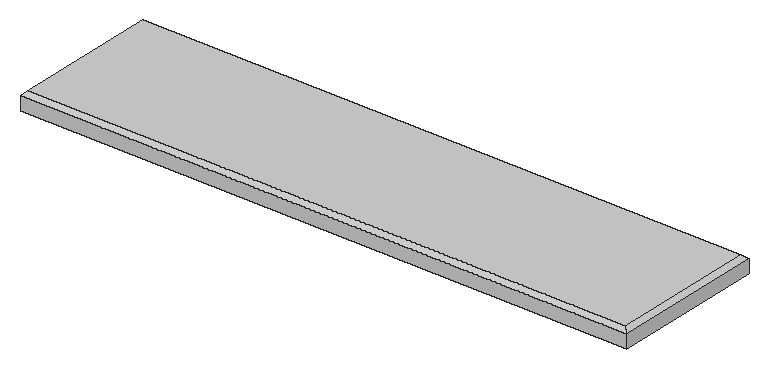
Revit family "12 X 48 RECTANGLE", category Specialty Equipment, Revit 2023
Family settings
  Round Connector Dimension = Use Diameter
  Part Type = Normal
  OmniClass Number = 23.35.00.00
  OmniClass Title = Covering, Cladding, and Finishes
  Work Plane-Based = Yes
  Enable Cutting in Views = Yes
  Always vertical = No
  Cut with Voids When Loaded = No
  Maintain Annotation Orientation = No
  Shared = No
  Room Calculation Point = No
Parameters (values of type "1-3/8 inch thick Primed White")
  URL = "https://www.acousticalsurfaces.com/envirocoustic-wood-wool/shapes/"
  Type Comments = "Acoustic Panels"
  Thickness = 0' - 1 3/8"
  Recycled Content Percentage = "0%"
  Model = "Envirocoustic Wood Wool"
  Material = "Envirocoustic Wood Wool"
  Manufacturer = "Acoustical Surfaces, Inc."
  Fire Rating = "ASTM E84 - Class A"
  Finish = Paint - Acoustical-Surfaces - Primed White
  Description = "Acoustic Panels"
  Default Elevation = 0' - 0"
  Assembly Code = "C30"
  Acoustics - NRC = "Sound absorption varies from NRC 0.45 to 0.95 based on installation method used when tested per ASTM C423."
Types (9): name | Thickness | Finish
  1-3/8 inch thick Primed White | 0' - 1 3/8" | Paint - Acoustical-Surfaces - Primed White
  1-3/8 inch thick Primed Clear | 0' - 1 3/8" | Paint - Acoustical-Surfaces - Primed Clear
  1-3/8 inch thick Custom Painted | 0' - 1 3/8" | Paint - Acoustical-Surfaces - Custom Painted
  2 inch thick Primed White | 0' - 2" | Paint - Acoustical-Surfaces - Primed White
  2 inch thick Primed Clear | 0' - 2" | Paint - Acoustical-Surfaces - Primed Clear
  2 inch thick Custom Painted | 0' - 2" | Paint - Acoustical-Surfaces - Custom Painted
  1 inch thick Primed White | 0' - 1" | Paint - Acoustical-Surfaces - Primed White
  1 inch thick Primed Clear | 0' - 1" | Paint - Acoustical-Surfaces - Primed Clear
  1 inch thick Custom Painted | 0' - 1" | Paint - Acoustical-Surfaces - Custom Painted
Reference planes (in)
  plane 1 "Center (Front/Back)": y = 0
  plane 2: z = 0
  plane 3 "Center (Left/Right)": x = 0
  plane 4: x = -24
  plane 5: x = 24
  plane 6: y = 6
  plane 7: y = -6
  plane 8: z = 1.375
  plane 9: z = -1
Forms (in)
  Extrusion 1, solid, material "Paint - Acoustical-Surfaces - Primed White" <- "Finish"
    sketch origin (0, 0, 0) x (1, 0, 0) y (0, 1, 0)
      loop
        line (24, 6) -> (-24, 6) -> (-24, -6) -> (24, -6) -> (24, 6)
    from 0 to 1.375
  Sweep 2, void
    path in 3D
      loop
        line (24, 6, 1.375) -> (-24, 6, 1.375) -> (-24, -6, 1.375) -> (24, -6, 1.375) -> (24, 6, 1.375)
    profile "Triangle : Family2" origin (24, 0, 1.375) x (-1, 0, 0) y (0, 0, 1)
      loop
        line (0, 0) -> (0, -0.315) -> (0.315, 0) -> (0, 0)
Cuts and joins
  Sweep 2 cuts Extrusion 1
Lines and regions (in)
  sketch lines
    curve 1: line (24, -6, 1.375) -> (24, 6, 1.375)
    curve 2: line (-24, -6, 1.375) -> (24, -6, 1.375)
    curve 3: line (-24, 6, 1.375) -> (-24, -6, 1.375)
    curve 4: line (24, 6, 1.375) -> (-24, 6, 1.375)
Dimensions and locks (in)
  equal spacing: plane 4, plane 3 "Center (Left/Right)", plane 5
  equal spacing: plane 7, plane 1 "Center (Front/Back)", plane 6
  plane 7 to plane 6 = 1' - 0"
  plane 4 to plane 5 = 4' - 0"
  "Thickness": plane 8 to level
  level to plane 9 = 0' - 1"
  aligned and locked: level to plane 2
  aligned and locked: Extrusion 1 sketch curve to plane 4
  aligned and locked: plane 5 to Extrusion 1 sketch curve
  aligned and locked: Extrusion 1 sketch curve to plane 6
  aligned and locked: Extrusion 1 sketch curve to plane 7
  aligned and locked: Extrusion 1 to plane 8
